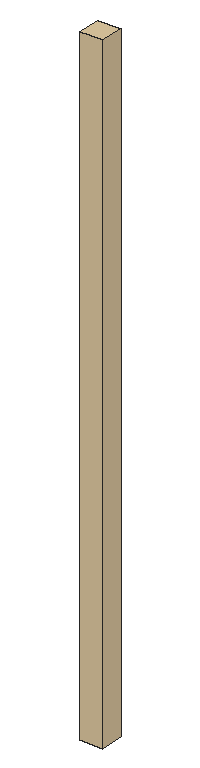
Revit family "M_Dimension Lumber-Column", category 구조 기둥, Revit 2026
Family settings
  단면 모양 = 정의되지 않음
  모델 동작 재료 = 목재
  항상 형상으로 내보내기 = 아니오
  평면의 보 전환 = 경계 상자에서
  로드될 때 보이드를 사용하여 절단 = 아니오
  기호 표현 = 프로젝트 설정에서
  공유 = 아니오
  평면도에서 미리 절단된 패밀리 표시 = 예
Parameters (values of type "89x89")
  Assembly Code = ""
  Structural Material [instance] = Wood - Dimensional Lumber
  A = 0.007903 m²
  Ix = 127.05
  Iy = 127.1
  Sx = 1919
  Sy = 117
  b = 88.9 mm
  d = 88.9 mm
Reference planes
  plane 1 "Center (Front/Back)": y = 0
  plane 2: z = 0
  plane 3 "Center (Left/Right)": x = 0
  plane 4: x = -44.45
  plane 5: x = 44.45
  plane 6: y = 44.45
  plane 7: y = -44.45
Forms (mm)
  Extrusion 1, solid, material "Wood - Dimensional Lumber" <- "Structural Material", detail levels medium+fine
    sketch origin (0, 0, 0) x (1, 0, 0) y (0, 1, 0)
      loop
        line (-44.45, 44.45) -> (-44.45, -44.45) -> (44.45, -44.45) -> (44.45, 44.45) -> (-44.45, 44.45)
    from 0 to 2500
Lines and regions (mm)
  symbolic lines, style "StructuralColumnStickSymbols", detail levels coarse
    curve 1: line (-44.45, 44.45, 0) -> (44.45, 44.45, 0)
    curve 2: line (-44.45, -44.45, 0) -> (44.45, -44.45, 0)
    curve 3: line (-44.45, 44.45, 0) -> (-44.45, -44.45, 0)
    curve 4: line (44.45, 44.45, 0) -> (44.45, -44.45, 0)
Dimensions and locks
  equal spacing: plane 4, plane 3 "Center (Left/Right)", plane 5
  equal spacing: plane 7, plane 1 "Center (Front/Back)", plane 6
  "d": plane 7 to plane 6
  "b": plane 4 to plane 5
  aligned and locked: plane 6 to Extrusion 1 sketch curve
  aligned and locked: Extrusion 1 sketch curve to plane 7
  aligned and locked: Extrusion 1 sketch curve to plane 4
  aligned and locked: plane 5 to Extrusion 1 sketch curve
  aligned and locked: level to Extrusion 1
  aligned and locked: level to plane 2
  aligned and locked: Extrusion 1 to plane 2
Automatic sketch dimensions
  curve 3 to plane 4 = 0 mm
  curve 4 to plane 5 = 0 mm
  curve 3 to plane 7 = 0 mm
  curve 3 to plane 6 = 0 mm
